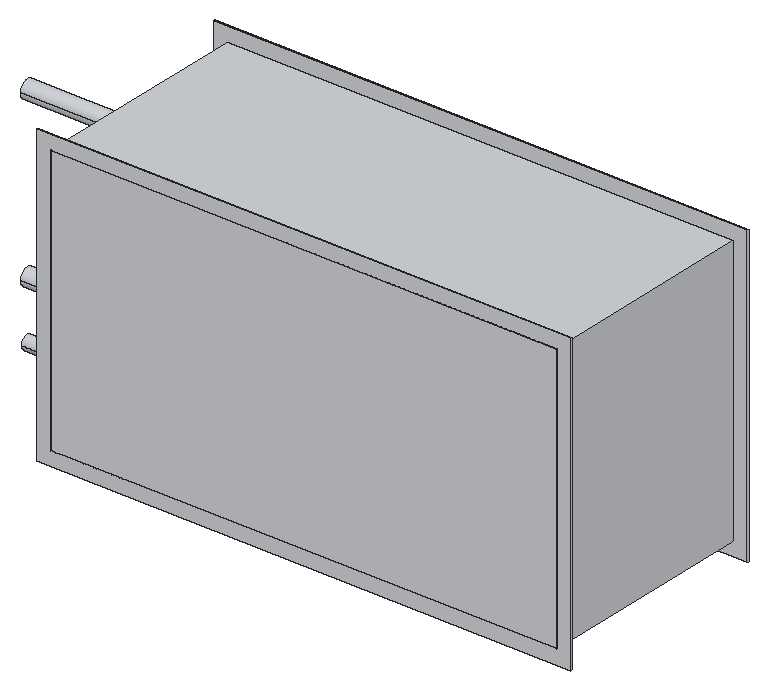
Revit family "Воздухоохладитель водяной DSW", category Оборудование, Revit 2022
Family settings
  Размер круглого соединителя = Использовать диаметр
  Тип детали = Нормальный
  На основе рабочей плоскости = Нет
  Всегда вертикально = Нет
  При загрузке вырезать с полостями = Нет
  Сохранять ориентацию аннотаций = Нет
  Общий = Нет
  Точка принадлежности помещению = Нет
Parameters (values of type "DSW 60-30/R3")
  Отметка по умолчанию = 0 mm
  Изготовитель = "WAER"  # constant formula
  Keynote = ""
  Д = 822 mm
  Б = 385 mm
  А = 722 mm
  URL = "https://waer-air.com/"
  ADSK_Система_Имя [instance] = ""
  ADSK_Расход воздуха = 0.0 m³/s
  ADSK_Размер_Ширина = 600 mm
  ADSK_Размер_Диаметр дренаж = 20 mm  # constant formula
  ADSK_Размер_Диаметр ТО = 25 mm  # constant formula
  ADSK_Размер_Высота = 300 mm
  ADSK_Потеря давления воздуха = 0.0 Pa
  ADSK_Наименование краткое = "DSW 60-30/R3"
  ADSK_Наименование = "Воздухоохладитель водяной DSW 60-30/R3"
  ADSK_Масса_Текст = "23.5"
  ADSK_Масса = 23.5
  ADSK_Марка = ""
  ADSK_Количество = 1  # constant formula
  ADSK_Код изделия = ""
  ADSK_Завод-изготовитель = "WAER"  # constant formula
  ADSK_Единица измерения = "шт."  # constant formula
Types (9, lengths in mm): name | Д | Б | А | ADSK_Размер_Ширина | ADSK_Размер_Высота | ADSK_Наименование краткое | ADSK_Наименование | ADSK_Масса_Текст | ADSK_Масса
  DSW 40-20/R3 | 622 | 285 | 522 | 400 | 200 | "DSW 40-20/R3" | "Воздухоохладитель водяной DSW 40-20/R3" | "16.5" | 16.5
  DSW 50-25/R3 | 722 | 335 | 622 | 500 | 250 | "DSW 50-25/R3" | "Воздухоохладитель водяной DSW 50-25/R3" | "19.5" | 19.5
  DSW 50-30/R3 | 722 | 385 | 622 | 500 | 300 | "DSW 50-30/R3" | "Воздухоохладитель водяной DSW 50-30/R3" | "21.5" | 21.5
  DSW 60-30/R3 | 822 | 385 | 722 | 600 | 300 | "DSW 60-30/R3" | "Воздухоохладитель водяной DSW 60-30/R3" | "23.5" | 23.5
  DSW 60-35/R3 | 822 | 435 | 722 | 600 | 350 | "DSW 60-35/R3" | "Воздухоохладитель водяной DSW 60-35/R3" | "24.5" | 24.5
  DSW 70-40/R3 | 922 | 485 | 822 | 700 | 400 | "DSW 70-40/R3" | "Воздухоохладитель водяной DSW 70-40/R3" | "27.5" | 27.5
  DSW 80-50/R3 | 1022 | 610 | 922 | 800 | 500 | "DSW 80-50/R3" | "Воздухоохладитель водяной DSW 80-50/R3" | "37.5" | 37.5
  DSW 90-50/R3 | 1140 | 610 | 1040 | 900 | 500 | "DSW 90-50/R3" | "Воздухоохладитель водяной DSW 90-50/R3" | "41" | 41
  DSW 100-50/R3 | 1240 | 610 | 1040 | 1000 | 500 | "DSW 100-50/R3" | "Воздухоохладитель водяной DSW 100-50/R3" | "44" | 44
Reference planes
  plane 1 "По центру (Вперед/Назад)": y = 0
  plane 2: z = 0
  plane 3 "По центру (Влево/Вправо)": x = 0
  plane 4: x = -300
  plane 5: x = 300
  plane 6: z = -150
  plane 7: z = 150
  plane 8: y = -158.5
  plane 9: y = 158.5
  plane 10: x = -361
  plane 11: x = 361
  plane 12: z = 192.5
  plane 13: z = -192.5
  plane 14: x = -522
Forms (mm)
  Extrusion 1, solid
    sketch origin (0, 0, 0) x (1, 0, 0) y (0, 0, 1)
      loop
        line (-361, 192.5) -> (-361, -192.5) -> (361, -192.5) -> (361, 192.5) -> (-361, 192.5)
    from -158.5 to 158.5
  Sweep 2, solid
    path in 3D
      loop
        line (-361, -158.5, 192.5) -> (-361, -158.5, -192.5) -> (361, -158.5, -192.5) -> (361, -158.5, 192.5) -> (-361, -158.5, 192.5)
    profile origin (0, -158.5, 192.5) x (0, -1, 0) y (0, 0, 1)
      loop
        line (0, 0) -> (0, 20) -> (-2, 20) -> (-2, 0) -> (0, 0)
  Sweep 3, solid
    path in 3D
      loop
        line (361, 158.5, 192.5) -> (361, 158.5, -192.5) -> (-361, 158.5, -192.5) -> (-361, 158.5, 192.5) -> (361, 158.5, 192.5)
    profile origin (0, 158.5, 192.5) x (0, 1, 0) y (0, 0, 1)
      loop
        line (0, 0) -> (0, 20) -> (-2, 20) -> (-2, 0) -> (0, 0)
  Extrusion 4, solid
    sketch origin (0, 0, 0) x (0, 1, 0) y (0, 0, 1)
      loop
        circle (0, 145) r 12.5
      loop
        circle (0, -179) r 10
      loop
        circle (0, -95) r 12.5
    from -522 to -361
Lines and regions (mm)
  sketch lines
    curve 1: line (361, -158.5, 192.5) -> (-361, -158.5, 192.5)
    curve 2: line (-361, -158.5, 192.5) -> (-361, -158.5, -192.5)
    curve 3: line (-361, -158.5, -192.5) -> (361, -158.5, -192.5)
    curve 4: line (361, -158.5, -192.5) -> (361, -158.5, 192.5)
    curve 5: line (-361, 158.5, 192.5) -> (361, 158.5, 192.5)
    curve 6: line (361, 158.5, 192.5) -> (361, 158.5, -192.5)
    curve 7: line (361, 158.5, -192.5) -> (-361, 158.5, -192.5)
    curve 8: line (-361, 158.5, -192.5) -> (-361, 158.5, 192.5)
Dimensions and locks
  equal spacing: plane 5, plane 3 "По центру (Влево/Вправо)", plane 4
  "ADSK_Размер_Ширина": plane 5 to plane 4
  equal spacing: plane 7, plane 2, plane 6
  "ADSK_Размер_Высота": plane 7 to plane 6
  equal spacing: plane 9, plane 1 "По центру (Вперед/Назад)", plane 8
  locked: plane 9 to plane 8 at 317
  plane 8 to plane 9 = 317 mm
  equal spacing: plane 11, plane 3 "По центру (Влево/Вправо)", plane 10
  "А": plane 11 to plane 10
  equal spacing: plane 12, plane 2, plane 13
  "Б": plane 12 to plane 13
  "Д": plane 5 to plane 14
  "ADSK_Размер_Диаметр ТО": diameter of Extrusion 4 sketch curve  (x2)
  "ADSK_Размер_Диаметр дренаж": diameter of Extrusion 4 sketch curve
  aligned and locked: level to plane 2
  aligned and locked: plane 9 to Extrusion 1
  aligned and locked: Extrusion 1 to plane 8
  aligned and locked: Extrusion 1 sketch curve to plane 12
  aligned and locked: plane 10 to Extrusion 1 sketch curve
  aligned and locked: plane 13 to Extrusion 1 sketch curve
  aligned and locked: Extrusion 1 sketch curve to plane 11
  aligned and locked: Extrusion 4 to plane 14
  aligned and locked: Extrusion 4 to Extrusion 1
Automatic sketch dimensions
  Sweep 2 sketch curve to profile plane = 0 mm  (x2)
  profile plane to Sweep 2 sketch curve = 2 mm
  profile plane to Sweep 2 sketch curve = 20 mm
  Sweep 3 sketch curve to profile plane = 0 mm  (x2)
  profile plane to Sweep 3 sketch curve = 2 mm
  profile plane to Sweep 3 sketch curve = 20 mm
  Extrusion 4 sketch curve to plane 1 "По центру (Вперед/Назад)" = 0 mm  (x3)
  plane 13 to Extrusion 4 sketch curve = 13.5 mm
  plane 6 to Extrusion 4 sketch curve = 55 mm
  Extrusion 4 sketch curve to plane 7 = 5 mm
Connectors
  hvac at (0, -158.5, 0), driven by "ADSK_Размер_Высота", driven by "ADSK_Размер_Ширина"
    settings: on Extrusion 1, index 1, duct flow 0.0 m³/s, flow factor 0, pres drop 0.0 Pa, loss coef 0, conn angle 0.00°, conn width 600 mm, conn height 300 mm, conn diameter 609.6 mm, duct sys type 29, conn prof type 1, flow config 2, flow direction 0, loss method 0, conn ref index 2, conn util no, is conn primary yes, conn desc ""
  hvac at (0, 158.5, 0), driven by "ADSK_Размер_Высота", driven by "ADSK_Размер_Ширина"
    settings: on Extrusion 1, index 2, duct flow 0.0 m³/s, flow factor 0, pres drop 0.0 Pa, loss coef 0, conn angle 0.00°, conn width 600 mm, conn height 300 mm, conn diameter 609.6 mm, duct sys type 29, conn prof type 1, flow config 2, flow direction 0, loss method 0, conn ref index 1, conn util no, is conn primary no, conn desc ""
  piping at (-522, 0, 145), diameter 25, driven by "ADSK_Размер_Диаметр ТО"
    settings: on Extrusion 4, index 3, connector inside diameter 609.6 mm, connector length 0 mm, flow factor 0, pipe flow 0.0 L/s, pressure drop 0.0 Pa, fitting loss kfactor 0, connector angle 0.00°, fixture units 0, engagement length 0 mm, angle of deflection 0.00°, flow configuration 0, flow direction 0, fitting loss method 0, system type 29, joint type 0, gender type 0, connector reference index -1, connector utility 0, adjustable connector no, is connector primary yes, connector description ""
  piping at (-522, 0, -95), diameter 25, driven by "ADSK_Размер_Диаметр ТО"
    settings: on Extrusion 4, index 4, connector inside diameter 609.6 mm, connector length 0 mm, flow factor 0, pipe flow 0.0 L/s, pressure drop 0.0 Pa, fitting loss kfactor 0, connector angle 0.00°, fixture units 0, engagement length 0 mm, angle of deflection 0.00°, flow configuration 0, flow direction 0, fitting loss method 0, system type 29, joint type 0, gender type 0, connector reference index -1, connector utility 0, adjustable connector no, is connector primary no, connector description ""
  piping at (-522, 0, -179), diameter 20, driven by "ADSK_Размер_Диаметр дренаж"
    settings: on Extrusion 4, index 5, connector inside diameter 609.6 mm, connector length 0 mm, flow factor 0, pipe flow 0.0 L/s, pressure drop 0.0 Pa, fitting loss kfactor 0, connector angle 0.00°, fixture units 0, engagement length 0 mm, angle of deflection 0.00°, flow configuration 0, flow direction 0, fitting loss method 0, system type 29, joint type 0, gender type 0, connector reference index -1, connector utility 0, adjustable connector no, is connector primary no, connector description ""
